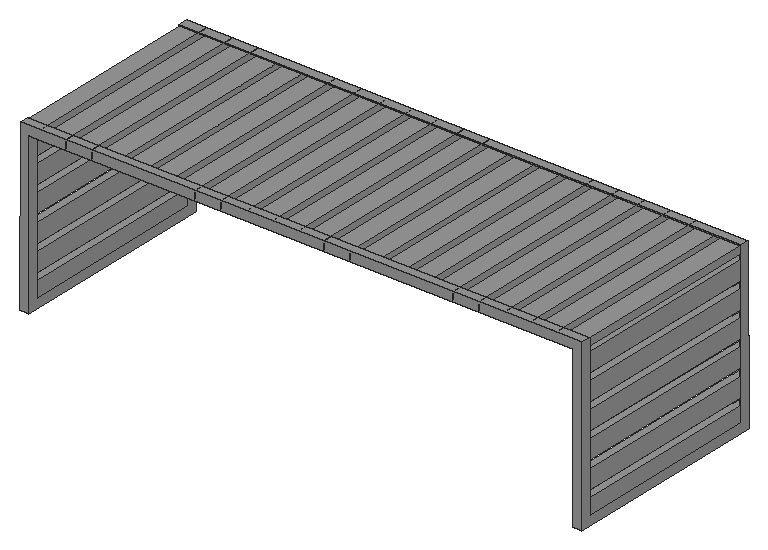
Revit family "Скамейка стальная «Вижен» без спинки Арт 15078", category Антураж, Revit 2018
Family settings
  На основе рабочей плоскости = Нет
  Всегда вертикально = Да
  При загрузке вырезать с полостями = Нет
  Источник визуального образа = Геометрия семейства
  Общий = Нет
  Точка расчета площади = Нет
Parameters (values of type "Версия 1,5 м")
  Ширина = 554 mm  # constant formula
  Цвет лавки = Дерево
  Цвет каркаса = Сталь
  Описание = if([Версия 1,5 м], "Скамейка стальная «Вижен» без спинки. Версия 1,5 м", if([Версия 1,8 м], "Скамейка стальная «Вижен» без спинки. Версия 1,8 м", "Скамейка стальная «Вижен» без спинки. Версия 2,1 м"))  # "Скамейка стальная «Вижен» без спинки. Версия 1,5 м"
  Материал изделия = "Сталь, дерево"  # constant formula
  Изображение типоразмера = Скамейка стальная «Вижен» без спинки Арт 15078.jpg
  Изготовитель = "ООО «Хоббика»"  # constant formula
  Длина = if([Версия 1,5 м], 1500 mm, if([Версия 1,8 м], 1800 mm, 2100 mm))  # 1500 mm
  Группа модели = "Скамейки"  # constant formula
  Высота = 450 mm  # constant formula
  Версия 2,1 м = not(or([Версия 1,5 м], [Версия 1,8 м]))  # no
  Версия 1,8 м = no
  Версия 1,5 м = yes
  Артикул товара = "Арт. 15078"  # constant formula
  URL = "https://hobbyka.ru/product/banketka_vizhen/"
Types (4, lengths in mm): name | Описание | Длина | Версия 2,1 м | Версия 1,8 м | Версия 1,5 м
  (no name) | "Скамейка стальная «Вижен» без спинки. Версия 1,5 м" | 1500 | no | no | yes
  Версия 2,1 м | "Скамейка стальная «Вижен» без спинки. Версия 2,1 м" | 2100 | yes | no | no
  Версия 1,8 м | "Скамейка стальная «Вижен» без спинки. Версия 1,8 м" | 1800 | no | yes | no
  Версия 1,5 м | "Скамейка стальная «Вижен» без спинки. Версия 1,5 м" | 1500 | no | no | yes
Reference planes
  plane 1 "По центру (Вперед/Назад)": y = 0
  plane 2: z = 0
  plane 3 "По центру (Влево/Вправо)": x = 0
  plane 4: x = 1500
  plane 5: y = 554
  plane 6: z = 450
Forms (mm)
  Sweep 1, solid, material "Сталь" <- "Цвет каркаса"
    path origin (0, 0, 0) x (1, 0, 0) y (0, 0, 1)
      loop
        line (0, 0) -> (0, 450) -> (1500, 450) -> (1500, 0)
    profile origin (750, 0, 450) x (0, 0, 1) y (0, -1, 0)
      loop
        line (0, 0) -> (-24, 0) -> (-24, -25) -> (-22, -25) -> (-22, -2) -> (-2, -2) -> (-2, -25) -> (0, -25) -> (0, 0)
      loop
        line (0, -554) -> (0, -529) -> (-2, -529) -> (-2, -552) -> (-22, -552) -> (-22, -529) -> (-24, -529) -> (-24, -554) -> (0, -554)
  Extrusion 2, solid, material "Сталь" <- "Цвет каркаса"
    sketch origin (0, 0, 0) x (1, 0, 0) y (0, 0, 1)
      loop
        line (0, 0) -> (24, 0) -> (24, 25) -> (22, 25) -> (22, 2) -> (2, 2) -> (2, 25) -> (0, 25) -> (0, 0)
      loop
        line (1476, 0) -> (1500, 0) -> (1500, 25) -> (1498, 25) -> (1498, 2) -> (1478, 2) -> (1478, 25) -> (1476, 25) -> (1476, 0)
    from 0 to -554
  Extrusion 3, solid, material "Дерево" <- "Цвет лавки"
    sketch origin (0, 0, 0) x (1, 0, 0) y (0, 0, 1)
      loop
        line (22, 414.5) -> (2, 414.5) -> (2, 364.5) -> (22, 364.5) -> (22, 414.5)
      loop
        line (22, 344.5) -> (2, 344.5) -> (2, 294.5) -> (22, 294.5) -> (22, 344.5)
      loop
        line (22, 274.5) -> (2, 274.5) -> (2, 224.5) -> (22, 224.5) -> (22, 274.5)
      loop
        line (22, 204.5) -> (2, 204.5) -> (2, 154.5) -> (22, 154.5) -> (22, 204.5)
      loop
        line (22, 134.5) -> (2, 134.5) -> (2, 84.5) -> (22, 84.5) -> (22, 134.5)
      loop
        line (22, 64.5) -> (2, 64.5) -> (2, 14.5) -> (22, 14.5) -> (22, 64.5)
      loop
        line (1498, 344.5) -> (1478, 344.5) -> (1478, 294.5) -> (1498, 294.5) -> (1498, 344.5)
      loop
        line (1498, 274.5) -> (1478, 274.5) -> (1478, 224.5) -> (1498, 224.5) -> (1498, 274.5)
      loop
        line (1498, 204.5) -> (1478, 204.5) -> (1478, 154.5) -> (1498, 154.5) -> (1498, 204.5)
      loop
        line (1498, 134.5) -> (1478, 134.5) -> (1478, 84.5) -> (1498, 84.5) -> (1498, 134.5)
      loop
        line (1498, 64.5) -> (1478, 64.5) -> (1478, 14.5) -> (1498, 14.5) -> (1498, 64.5)
      loop
        line (1498, 414.5) -> (1478, 414.5) -> (1478, 364.5) -> (1498, 364.5) -> (1498, 414.5)
    from -2 to -552
Cuts and joins
  joined: Sweep 1, Extrusion 2
Dimensions and locks
  "Длина": plane 3 "По центру (Влево/Вправо)" to plane 4
  "Ширина": plane 5 to plane 1 "По центру (Вперед/Назад)"
  "Высота": plane 6 to plane 2
  plane 4 to Extrusion 2 sketch curve to Extrusion 2 sketch curve to Extrusion 2 sketch curve = 2 mm locked, 20 mm locked, 2 mm locked
  aligned and locked: level to plane 2
  aligned and locked: plane 3 "По центру (Влево/Вправо)" to Sweep 1 sketch curve
  aligned and locked: Sweep 1 sketch curve to plane 6
  aligned and locked: Sweep 1 sketch curve to plane 4
  aligned and locked: Extrusion 3 sketch curve to cut or joined group of Sweep 1, Extrusion 2  (x12)
  aligned and locked: Extrusion 3 to cut or joined group of Sweep 1, Extrusion 2  (x2)
Automatic sketch dimensions
  Sweep 1 sketch curve to level = 0 mm  (x2)
  Sweep 1 sketch curve to plane 1 "По центру (Вперед/Назад)" = 0 mm
  profile plane to Sweep 1 sketch curve = 0 mm  (x2)
  profile plane to Sweep 1 sketch curve = 2 mm  (x2)
  Sweep 1 sketch curve to Sweep 1 sketch curve = 20 mm  (x2)
  Sweep 1 sketch curve to plane 1 "По центру (Вперед/Назад)" = 2 mm
  Sweep 1 sketch curve to Sweep 1 sketch curve = 2 mm  (x3)
  Sweep 1 sketch curve to Sweep 1 sketch curve = 23 mm  (x2)
  Sweep 1 sketch curve to Sweep 1 sketch curve = 0 mm  (x2)
  Sweep 1 sketch curve to Sweep 1 sketch curve = 504 mm
  Extrusion 2 sketch curve to level = 0 mm  (x2)
  Extrusion 2 sketch curve to plane 3 "По центру (Влево/Вправо)" = 0 mm
  Extrusion 2 sketch curve to plane 4 = 0 mm
  plane 3 "По центру (Влево/Вправо)" to Extrusion 2 sketch curve = 2 mm
  level to Extrusion 2 sketch curve = 2 mm  (x2)
  Extrusion 2 sketch curve to Extrusion 2 sketch curve = 20 mm
  Extrusion 2 sketch curve to Extrusion 2 sketch curve = 2 mm
  Extrusion 2 sketch curve to Extrusion 2 sketch curve = 23 mm  (x2)
  Extrusion 2 sketch curve to Extrusion 2 sketch curve = 0 mm  (x2)
  plane 3 "По центру (Влево/Вправо)" to Extrusion 3 sketch curve = 22 mm  (x3)
  Extrusion 3 sketch curve to Extrusion 3 sketch curve = 0 mm  (x3)
  plane 3 "По центру (Влево/Вправо)" to Extrusion 3 sketch curve = 2 mm  (x6)
  level to Extrusion 3 sketch curve = 14.5 mm  (x2)
  Extrusion 3 sketch curve to Extrusion 3 sketch curve = 50 mm  (x10)
  Extrusion 3 sketch curve to Extrusion 3 sketch curve = 20 mm  (x10)
  Extrusion 3 sketch curve to plane 6 = 35.5 mm  (x2)
Nested families
  nested 1: "лавка массив" at (0, 0, 0), type "лавка массив"
    with Кол-во реек 22, Длина1 1498 mm, Длина 1500 mm
Definition of nested family "лавка массив"
  Parameters (values of type "лавка массив")
    Цвет лавки = none
    Кол-во реек = if(Длина = 1500 mm, 22, if(Длина = 1800 mm, 26, 31))  # 31
    Длина1 = Длина - 2 mm  # 2098 mm
    Длина = 2100 mm
    Height = 0 mm
  Reference planes
    plane 1 "По центру (Вперед/Назад)": y = 0
    plane 2: z = 0
    plane 3 "По центру (Влево/Вправо)": x = 0
    plane 4: x = 2098
  Forms (mm)
    Extrusion 1, solid, material <- "Цвет лавки"
      sketch origin (2, 0, 0) x (1, 0, 0) y (0, 1, 0)
        loop
          line (0, 552) -> (0, 2) -> (50, 2) -> (50, 552) -> (0, 552)
      from 428 to 448
    Extrusion 2, solid, material <- "Цвет лавки"
      sketch origin (2048, 0, 0) x (1, 0, 0) y (0, 1, 0)
        loop
          line (0, 552) -> (0, 2) -> (50, 2) -> (50, 552) -> (0, 552)
      from 428 to 448
    Extrusion 3, solid, material <- "Цвет лавки"
      sketch origin (70.2, 0, 0) x (1, 0, 0) y (0, 1, 0)
        loop
          line (0, 552) -> (0, 2) -> (50, 2) -> (50, 552) -> (0, 552)
      from 428 to 448
    Extrusion 4, solid, material <- "Цвет лавки"
      sketch origin (138.4, 0, 0) x (1, 0, 0) y (0, 1, 0)
        loop
          line (0, 552) -> (0, 2) -> (50, 2) -> (50, 552) -> (0, 552)
      from 428 to 448
    Extrusion 5, solid, material <- "Цвет лавки"
      sketch origin (206.6, 0, 0) x (1, 0, 0) y (0, 1, 0)
        loop
          line (0, 552) -> (0, 2) -> (50, 2) -> (50, 552) -> (0, 552)
      from 428 to 448
    Extrusion 6, solid, material <- "Цвет лавки"
      sketch origin (274.8, 0, 0) x (1, 0, 0) y (0, 1, 0)
        loop
          line (0, 552) -> (0, 2) -> (50, 2) -> (50, 552) -> (0, 552)
      from 428 to 448
    Extrusion 7, solid, material <- "Цвет лавки"
      sketch origin (343, 0, 0) x (1, 0, 0) y (0, 1, 0)
        loop
          line (0, 552) -> (0, 2) -> (50, 2) -> (50, 552) -> (0, 552)
      from 428 to 448
    Extrusion 8, solid, material <- "Цвет лавки"
      sketch origin (411.2, 0, 0) x (1, 0, 0) y (0, 1, 0)
        loop
          line (0, 552) -> (0, 2) -> (50, 2) -> (50, 552) -> (0, 552)
      from 428 to 448
    Extrusion 9, solid, material <- "Цвет лавки"
      sketch origin (479.4, 0, 0) x (1, 0, 0) y (0, 1, 0)
        loop
          line (0, 552) -> (0, 2) -> (50, 2) -> (50, 552) -> (0, 552)
      from 428 to 448
    Extrusion 10, solid, material <- "Цвет лавки"
      sketch origin (547.6, 0, 0) x (1, 0, 0) y (0, 1, 0)
        loop
          line (0, 552) -> (0, 2) -> (50, 2) -> (50, 552) -> (0, 552)
      from 428 to 448
    Extrusion 11, solid, material <- "Цвет лавки"
      sketch origin (615.8, 0, 0) x (1, 0, 0) y (0, 1, 0)
        loop
          line (0, 552) -> (0, 2) -> (50, 2) -> (50, 552) -> (0, 552)
      from 428 to 448
    Extrusion 12, solid, material <- "Цвет лавки"
      sketch origin (684, 0, 0) x (1, 0, 0) y (0, 1, 0)
        loop
          line (0, 552) -> (0, 2) -> (50, 2) -> (50, 552) -> (0, 552)
      from 428 to 448
    Extrusion 13, solid, material <- "Цвет лавки"
      sketch origin (752.2, 0, 0) x (1, 0, 0) y (0, 1, 0)
        loop
          line (0, 552) -> (0, 2) -> (50, 2) -> (50, 552) -> (0, 552)
      from 428 to 448
    Extrusion 14, solid, material <- "Цвет лавки"
      sketch origin (820.4, 0, 0) x (1, 0, 0) y (0, 1, 0)
        loop
          line (0, 552) -> (0, 2) -> (50, 2) -> (50, 552) -> (0, 552)
      from 428 to 448
    Extrusion 15, solid, material <- "Цвет лавки"
      sketch origin (888.6, 0, 0) x (1, 0, 0) y (0, 1, 0)
        loop
          line (0, 552) -> (0, 2) -> (50, 2) -> (50, 552) -> (0, 552)
      from 428 to 448
    Extrusion 16, solid, material <- "Цвет лавки"
      sketch origin (956.8, 0, 0) x (1, 0, 0) y (0, 1, 0)
        loop
          line (0, 552) -> (0, 2) -> (50, 2) -> (50, 552) -> (0, 552)
      from 428 to 448
    Extrusion 17, solid, material <- "Цвет лавки"
      sketch origin (1025, 0, 0) x (1, 0, 0) y (0, 1, 0)
        loop
          line (0, 552) -> (0, 2) -> (50, 2) -> (50, 552) -> (0, 552)
      from 428 to 448
    Extrusion 18, solid, material <- "Цвет лавки"
      sketch origin (1093.2, 0, 0) x (1, 0, 0) y (0, 1, 0)
        loop
          line (0, 552) -> (0, 2) -> (50, 2) -> (50, 552) -> (0, 552)
      from 428 to 448
    Extrusion 19, solid, material <- "Цвет лавки"
      sketch origin (1161.4, 0, 0) x (1, 0, 0) y (0, 1, 0)
        loop
          line (0, 552) -> (0, 2) -> (50, 2) -> (50, 552) -> (0, 552)
      from 428 to 448
    Extrusion 20, solid, material <- "Цвет лавки"
      sketch origin (1229.6, 0, 0) x (1, 0, 0) y (0, 1, 0)
        loop
          line (0, 552) -> (0, 2) -> (50, 2) -> (50, 552) -> (0, 552)
      from 428 to 448
    Extrusion 21, solid, material <- "Цвет лавки"
      sketch origin (1297.8, 0, 0) x (1, 0, 0) y (0, 1, 0)
        loop
          line (0, 552) -> (0, 2) -> (50, 2) -> (50, 552) -> (0, 552)
      from 428 to 448
    Extrusion 22, solid, material <- "Цвет лавки"
      sketch origin (1366, 0, 0) x (1, 0, 0) y (0, 1, 0)
        loop
          line (0, 552) -> (0, 2) -> (50, 2) -> (50, 552) -> (0, 552)
      from 428 to 448
    Extrusion 23, solid, material <- "Цвет лавки"
      sketch origin (1434.2, 0, 0) x (1, 0, 0) y (0, 1, 0)
        loop
          line (0, 552) -> (0, 2) -> (50, 2) -> (50, 552) -> (0, 552)
      from 428 to 448
    Extrusion 24, solid, material <- "Цвет лавки"
      sketch origin (1502.4, 0, 0) x (1, 0, 0) y (0, 1, 0)
        loop
          line (0, 552) -> (0, 2) -> (50, 2) -> (50, 552) -> (0, 552)
      from 428 to 448
    Extrusion 25, solid, material <- "Цвет лавки"
      sketch origin (1570.6, 0, 0) x (1, 0, 0) y (0, 1, 0)
        loop
          line (0, 552) -> (0, 2) -> (50, 2) -> (50, 552) -> (0, 552)
      from 428 to 448
    Extrusion 26, solid, material <- "Цвет лавки"
      sketch origin (1638.8, 0, 0) x (1, 0, 0) y (0, 1, 0)
        loop
          line (0, 552) -> (0, 2) -> (50, 2) -> (50, 552) -> (0, 552)
      from 428 to 448
    Extrusion 27, solid, material <- "Цвет лавки"
      sketch origin (1707, 0, 0) x (1, 0, 0) y (0, 1, 0)
        loop
          line (0, 552) -> (0, 2) -> (50, 2) -> (50, 552) -> (0, 552)
      from 428 to 448
    Extrusion 28, solid, material <- "Цвет лавки"
      sketch origin (1775.2, 0, 0) x (1, 0, 0) y (0, 1, 0)
        loop
          line (0, 552) -> (0, 2) -> (50, 2) -> (50, 552) -> (0, 552)
      from 428 to 448
    Extrusion 29, solid, material <- "Цвет лавки"
      sketch origin (1843.4, 0, 0) x (1, 0, 0) y (0, 1, 0)
        loop
          line (0, 552) -> (0, 2) -> (50, 2) -> (50, 552) -> (0, 552)
      from 428 to 448
    Extrusion 30, solid, material <- "Цвет лавки"
      sketch origin (1911.6, 0, 0) x (1, 0, 0) y (0, 1, 0)
        loop
          line (0, 552) -> (0, 2) -> (50, 2) -> (50, 552) -> (0, 552)
      from 428 to 448
    Extrusion 31, solid, material <- "Цвет лавки"
      sketch origin (1979.8, 0, 0) x (1, 0, 0) y (0, 1, 0)
        loop
          line (0, 552) -> (0, 2) -> (50, 2) -> (50, 552) -> (0, 552)
      from 428 to 448
  Dimensions and locks
    "Длина1": plane 3 "По центру (Влево/Вправо)" to plane 4
    equal spacing: group 1, group 3, group 4, group 5, group 6, group 7, group 8, group 9, group 10, group 11, group 12, group 13, group 14, group 15, group 16, group 17, group 18, group 19, group 20, group 21, group 22, group 23, group 24, group 25, group 26, group 27, group 28, group 29, group 30, group 31, group 2  (x3)
    Extrusion 3 to Extrusion 4 = 18.2 mm
    aligned and locked: level to plane 2
    aligned and locked: plane 4 to Extrusion 2
  Automatic sketch dimensions
    Extrusion 1 sketch curve to Extrusion 1 sketch curve = 50 mm
    Extrusion 1 sketch curve to Extrusion 1 sketch curve = 550 mm
    Extrusion 2 sketch curve to Extrusion 2 sketch curve = 50 mm
    Extrusion 2 sketch curve to Extrusion 2 sketch curve = 550 mm
    Extrusion 3 sketch curve to Extrusion 3 sketch curve = 50 mm
    Extrusion 3 sketch curve to Extrusion 3 sketch curve = 550 mm
    Extrusion 4 sketch curve to Extrusion 4 sketch curve = 50 mm
    Extrusion 4 sketch curve to Extrusion 4 sketch curve = 550 mm
    Extrusion 5 sketch curve to Extrusion 5 sketch curve = 50 mm
    Extrusion 5 sketch curve to Extrusion 5 sketch curve = 550 mm
    Extrusion 6 sketch curve to Extrusion 6 sketch curve = 50 mm
    Extrusion 6 sketch curve to Extrusion 6 sketch curve = 550 mm
    Extrusion 7 sketch curve to Extrusion 7 sketch curve = 50 mm
    Extrusion 7 sketch curve to Extrusion 7 sketch curve = 550 mm
    Extrusion 8 sketch curve to Extrusion 8 sketch curve = 50 mm
    Extrusion 8 sketch curve to Extrusion 8 sketch curve = 550 mm
    Extrusion 9 sketch curve to Extrusion 9 sketch curve = 50 mm
    Extrusion 9 sketch curve to Extrusion 9 sketch curve = 550 mm
    Extrusion 10 sketch curve to Extrusion 10 sketch curve = 50 mm
    Extrusion 10 sketch curve to Extrusion 10 sketch curve = 550 mm
    Extrusion 11 sketch curve to Extrusion 11 sketch curve = 50 mm
    Extrusion 11 sketch curve to Extrusion 11 sketch curve = 550 mm
    Extrusion 12 sketch curve to Extrusion 12 sketch curve = 50 mm
    Extrusion 12 sketch curve to Extrusion 12 sketch curve = 550 mm
    Extrusion 13 sketch curve to Extrusion 13 sketch curve = 50 mm
    Extrusion 13 sketch curve to Extrusion 13 sketch curve = 550 mm
    Extrusion 14 sketch curve to Extrusion 14 sketch curve = 50 mm
    Extrusion 14 sketch curve to Extrusion 14 sketch curve = 550 mm
    Extrusion 15 sketch curve to Extrusion 15 sketch curve = 50 mm
    Extrusion 15 sketch curve to Extrusion 15 sketch curve = 550 mm
    Extrusion 16 sketch curve to Extrusion 16 sketch curve = 50 mm
    Extrusion 16 sketch curve to Extrusion 16 sketch curve = 550 mm
    Extrusion 17 sketch curve to Extrusion 17 sketch curve = 50 mm
    Extrusion 17 sketch curve to Extrusion 17 sketch curve = 550 mm
    Extrusion 18 sketch curve to Extrusion 18 sketch curve = 50 mm
    Extrusion 18 sketch curve to Extrusion 18 sketch curve = 550 mm
    Extrusion 19 sketch curve to Extrusion 19 sketch curve = 50 mm
    Extrusion 19 sketch curve to Extrusion 19 sketch curve = 550 mm
    Extrusion 20 sketch curve to Extrusion 20 sketch curve = 50 mm
    Extrusion 20 sketch curve to Extrusion 20 sketch curve = 550 mm
    Extrusion 21 sketch curve to Extrusion 21 sketch curve = 50 mm
    Extrusion 21 sketch curve to Extrusion 21 sketch curve = 550 mm
    Extrusion 22 sketch curve to Extrusion 22 sketch curve = 50 mm
    Extrusion 22 sketch curve to Extrusion 22 sketch curve = 550 mm
    Extrusion 23 sketch curve to Extrusion 23 sketch curve = 50 mm
    Extrusion 23 sketch curve to Extrusion 23 sketch curve = 550 mm
    Extrusion 24 sketch curve to Extrusion 24 sketch curve = 50 mm
    Extrusion 24 sketch curve to Extrusion 24 sketch curve = 550 mm
    Extrusion 25 sketch curve to Extrusion 25 sketch curve = 50 mm
    Extrusion 25 sketch curve to Extrusion 25 sketch curve = 550 mm
    Extrusion 26 sketch curve to Extrusion 26 sketch curve = 50 mm
    Extrusion 26 sketch curve to Extrusion 26 sketch curve = 550 mm
    Extrusion 27 sketch curve to Extrusion 27 sketch curve = 50 mm
    Extrusion 27 sketch curve to Extrusion 27 sketch curve = 550 mm
    Extrusion 28 sketch curve to Extrusion 28 sketch curve = 50 mm
    Extrusion 28 sketch curve to Extrusion 28 sketch curve = 550 mm
    Extrusion 29 sketch curve to Extrusion 29 sketch curve = 50 mm
    Extrusion 29 sketch curve to Extrusion 29 sketch curve = 550 mm
    Extrusion 30 sketch curve to Extrusion 30 sketch curve = 50 mm
    Extrusion 30 sketch curve to Extrusion 30 sketch curve = 550 mm
    Extrusion 31 sketch curve to Extrusion 31 sketch curve = 50 mm
    Extrusion 31 sketch curve to Extrusion 31 sketch curve = 550 mm
